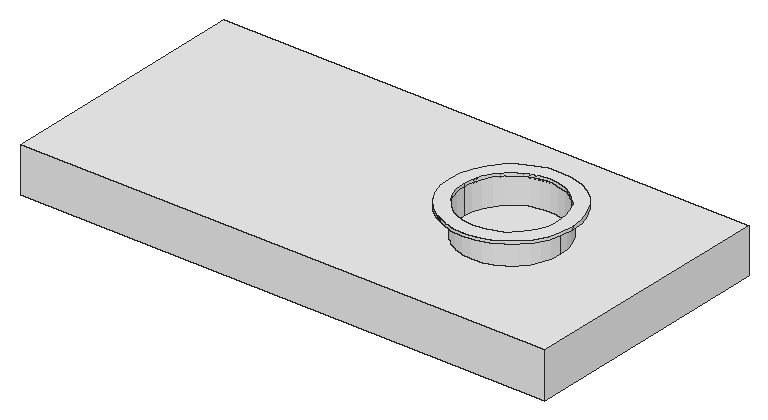
Revit family "Lighting-Recessed-Amerlux-Solace Round Wallwash", category Lighting Fixtures, host Face, Revit 2017
Family settings
  Host = Face
  Round Connector Dimension = Use Diameter
  Part Type = Normal
  Cut with Voids When Loaded = No
  Light Source = Yes
  Shared = No
  Room Calculation Point = No
Parameters (values of type "Wallwash")
  Width = 8"
  Wattage = 9.2903 W
  built-in parameter 1150110 = 1 (stored number, unit not read)
  Voltage = 0 V
  URL = "http://www.amerlux.com/"
  Trim Size = 3 7/8"
  Trim [instance] = yes
  built-in parameter 1114217 = 1 (stored number, unit not read)
  Tilt Angle = -90.00°
  built-in parameter 1150109 = 1 (stored number, unit not read)
  built-in parameter 1150134 = 3
  built-in parameter 1150113 = 1 (stored number, unit not read)
  Power Factor = 1
  Photometric Web File = "Load File"
  Number of Poles = 1
  built-in parameter 1150142 = (empty or 0)
  Model Number = ""
  Model = "SOL-RLW"
  Manufacturer = "Amerlux"
  built-in parameter 1150105 = 109.82 (stored number, unit not read)
  Lumens = 1380 lm
  built-in parameter 1150115 = 1 (stored number, unit not read)
  built-in parameter 1150137 = (empty or 0)
  built-in parameter 1150139 = (empty or 0)
  Length = 16 1/2"
  built-in parameter 1150112 = 1 (stored number, unit not read)
  built-in parameter 1150114 = 1 (stored number, unit not read)
  Lamp = "LED"
  built-in parameter 1150132 = (empty or 0)
  built-in parameter 1150102 = (empty or 0)
  built-in parameter 1150107 = 3200 (stored number, unit not read)
  built-in parameter 1150138 = (empty or 0)
  built-in parameter 1150106 = 1.0982 (stored number, unit not read)
  Height = 2 1/4"
  Emit from Circle Diameter = Aperture Size  # 3"
  Emit Shape Visible in Rendering = no
  built-in parameter 1150104 = 13.8 (stored number, unit not read)
  Dimming Lamp Color Temperature Shift = <None>
  Dimming = ""
  Description = "Shallow Round Wallwash"
  Default Elevation = 48"
  Color Filter = 16777215
  built-in parameter 1114218 = 1 (stored number, unit not read)
  built-in parameter 1150133 = 10 (stored number, unit not read)
  Apparent Load = 0 VA
  Aperture Size = 3"
Types (3): name | Model | Description
  (no name) | "SOL-RLW" | "Shallow Round Wallwash"
  Downlight | "SOL-RD" | "Shallow Round Adjustable"
  Wallwash | "SOL-RLW" | "Shallow Round Wallwash"
Reference planes (in)
  plane 1 "Center (Front/Back)": y = 0
  plane 2: z = 0
  plane 3 "Center (Left/Right)": x = 0
  plane 4: x = -12.25
  plane 5: x = 4.25
  plane 6: z = -2.25
  plane 7: y = 4
  plane 8: y = -4
Forms (in)
  Extrusion 1, solid, material "Housing"
    sketch origin (0, 0, 0) x (1, 0, 0) y (0, 1, 0)
      loop
        line (-12.25, 4) -> (-12.25, -4) -> (4.25, -4) -> (4.25, 4) -> (-12.25, 4)
    from -2.25 to -0.8255
  Extrusion 2, solid, material "Trim Finish", visible <- "Trim"
    sketch origin (0, 0, 0) x (1, 0, 0) y (0, 1, 0)
      loop
        circle (0, 0) r 1.9375
      loop
        circle (0, 0) r 1.5
    from 0 to 0.08709
  Extrusion 3, void
    sketch origin (0, 0, 0) x (1, 0, 0) y (0, 1, 0)
      loop
        circle (0, 0) r 1.5
    from -0.8255 to 0.08709
  Extrusion 4, solid, material "Housing"
    sketch origin (0, 0, 0) x (1, 0, 0) y (0, 1, 0)
      loop
        circle (0, 0) r 1.5
      loop
        circle (0, 0) r 1.55451
    from -0.8255 to 0
Cuts and joins
  Extrusion 3 cuts Extrusion 2
Dimensions and locks (in)
  "Height": plane 6 to host face
  plane 5 to plane 3 "Center (Left/Right)" = 4 1/4"
  equal spacing: plane 7, plane 1 "Center (Front/Back)", plane 8
  "Width": plane 7 to plane 8
  "Length": plane 4 to plane 5
  plane 3 "Center (Left/Right)" to plane 5 = 4 1/4"
  "Trim Size": diameter of Extrusion 2 sketch curve
  "Aperture Size": diameter of Extrusion 3 sketch curve
  "Aperture Size": diameter of Extrusion 2 sketch curve
  aligned and locked: plane 2 to host face
  aligned and locked: level to host face
  aligned and locked: Extrusion 1 to plane 6
  aligned and locked: Extrusion 1 to plane 8
  aligned and locked: plane 7 to Extrusion 1
  aligned and locked: plane 5 to Extrusion 1
  aligned and locked: Extrusion 1 to plane 4
  aligned and locked: Extrusion 4 to Extrusion 1
  aligned and locked: level to Extrusion 4
Automatic sketch dimensions
  host sketch curve to host sketch curve = 54.51167"
  host sketch curve to host sketch curve = 52.40009"
  plane 4 to Extrusion 1 sketch curve = 0"
  Extrusion 1 sketch curve to plane 5 = 0"
  Extrusion 1 sketch curve to plane 8 = 0"
  Extrusion 1 sketch curve to plane 7 = 0"
  Extrusion 4 sketch curve to Extrusion 4 sketch curve = 0"  (x2)
  plane 1 "Center (Front/Back)" to Extrusion 4 sketch curve = 0"
  Extrusion 4 sketch curve to plane 3 "Center (Left/Right)" = 0"
  Extrusion 2 sketch curve to Extrusion 2 sketch curve = 0"  (x2)
  plane 1 "Center (Front/Back)" to Extrusion 2 sketch curve = 0"
  Extrusion 2 sketch curve to plane 3 "Center (Left/Right)" = 0"
  plane 1 "Center (Front/Back)" to Extrusion 3 sketch curve = 0"
  Extrusion 3 sketch curve to plane 3 "Center (Left/Right)" = 0"
  radius of Extrusion 4 sketch curve = 1 1/2"
  radius of Extrusion 4 sketch curve = 1.55451"
Connectors (in)
  electrical at (-4, 0, -2.25), driven by "Number of Poles", driven by "Voltage", driven by "Apparent Load", driven by "Power Factor"
    settings: on Extrusion 1, index 1, voltage 0 V, apparent load 0 VA, apparent load phase1 0 VA, apparent load phase2 0 VA, apparent load phase3 0 VA, power factor 1, load classification "Other", number of poles 1, system type 31, power factor state 1, is connector primary yes, connector utility no, sub classification motor no, connector description "Power"
